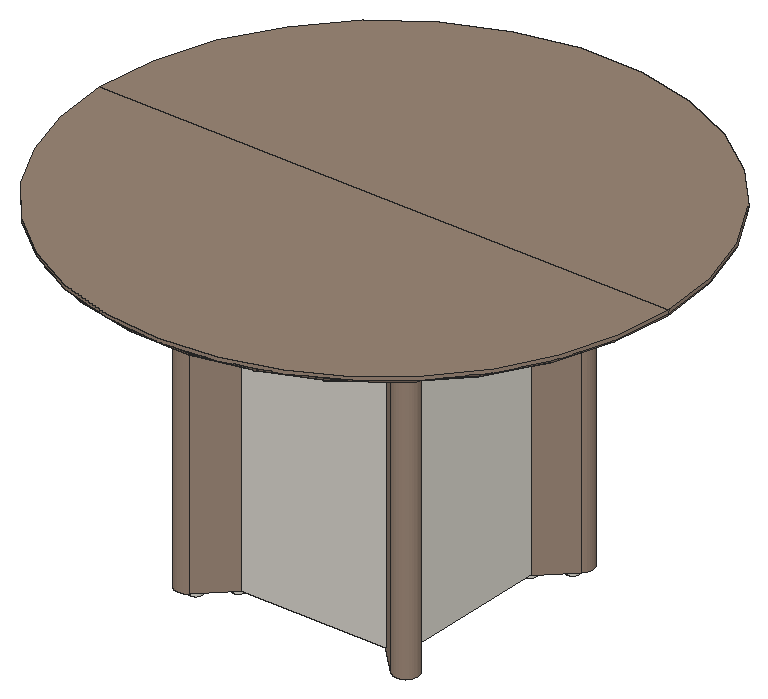
Revit family "Table-Teknion-CFRBKN_Figure_Table_Round_Gable_Enclosed_Base_Butter_Knife_Edge-R2023", category Furniture, Revit 2023 (continued)
Definition of nested family "Round - Gable Enclosed Base"
  Forms (in)
    Sweep 1, solid, material <- "Base Finish"
      profile origin (0, 0, 13.62598) x (-1, 0, 0) y (0, -1, 0)
        loop
          arc (16.26346, 14.84924) -> (16.26346, 16.26346) -> (14.84924, 16.26346) r 1
          line (14.84924, 16.26346) -> (0, 1.41421) -> (-14.84924, 16.26346)
          arc (-14.84924, 16.26346) -> (-16.26346, 16.26346) -> (-16.26346, 14.84924) r 1
          line (-16.26346, 14.84924) -> (-1.41421, 0) -> (-16.26346, -14.84924)
          arc (-16.26346, -14.84924) -> (-16.26346, -16.26346) -> (-14.84924, -16.26346) r 1
          line (-14.84924, -16.26346) -> (0, -1.41421) -> (14.84924, -16.26346)
    Sweep 2, void
      path origin (0, 0, 0) x (1, 0, 0) y (0, 0, 1)
        loop
          line (0, 8) -> (0, 0)
      profile origin (0, 0, 4) x (0, -1, 0) y (1, 0, 0)
        loop
          line (-11.41412, 0) -> (0, -11.41412) -> (11.41412, 0) -> (0, 11.41412) -> (-11.41412, 0)
    Sweep 3, void
      path origin (0, 0, 0) x (1, 0, 0) y (0, 0, 1)
        loop
          line (0, 20.75) -> (0, 26.75197)
      profile origin (0, 0, 23.75098) x (-1, 0, 0) y (0, -1, 0)
        loop
          line (-16.41478, 0) -> (0, -16.41478) -> (16.41478, 0) -> (0, 16.41478) -> (-16.41478, 0)
    Sweep 4, solid, material <- "Base Accent Finish"
      path origin (0, 0, 0) x (1, 0, 0) y (0, 0, 1)
        loop
          line (0, 25.75) -> (0, 0.5)
      profile origin (0, 0, 13.125) x (0, -1, 0) y (1, 0, 0)
        loop
          line (-12, 10.58579) -> (-12, -10.58579) -> (-11.25, -9.83579) -> (-11.25, 9.83579) -> (-12, 10.58579)
        loop
          line (9.83579, -11.25) -> (-9.83579, -11.25) -> (-10.58579, -12) -> (10.58579, -12) -> (9.83579, -11.25)
        loop
          line (11.25, 9.83579) -> (11.25, -9.83579) -> (12, -10.58579) -> (12, 10.58579) -> (11.25, 9.83579)
        loop
          line (-9.83579, 11.25) -> (9.83579, 11.25) -> (10.58579, 12) -> (-10.58579, 12) -> (-9.83579, 11.25)
    Sweep 5, solid, material <- "Glide Finish"
      path origin (0, 0, 0) x (1, 0, 0) y (0, 0, 1)
        loop
          line (0, 0.25) -> (0, 0.5)
      profile origin (0, 0, 0.375) x (-1, 0, 0) y (0, -1, 0)
        loop
          line (15.1094, -15.55134) -> (15.45795, -15.45795) -> (15.55134, -15.1094) -> (15.29619, -14.85425) -> (14.94764, -14.94764) -> (14.85425, -15.29619) -> (15.1094, -15.55134)
        loop
          line (-15.1094, -15.55134) -> (-14.85425, -15.29619) -> (-14.94764, -14.94764) -> (-15.29619, -14.85425) -> (-15.55134, -15.1094) -> (-15.45795, -15.45795) -> (-15.1094, -15.55134)
        loop
          line (15.1094, 15.55134) -> (14.85425, 15.29619) -> (14.94764, 14.94764) -> (15.29619, 14.85425) -> (15.55134, 15.1094) -> (15.45795, 15.45795) -> (15.1094, 15.55134)
        loop
          line (-15.1094, 15.55134) -> (-15.45795, 15.45795) -> (-15.55134, 15.1094) -> (-15.29619, 14.85425) -> (-14.94764, 14.94764) -> (-14.85425, 15.29619) -> (-15.1094, 15.55134)
    Sweep 6, solid, material <- "Glide Finish"
      path origin (0, 0, 0) x (1, 0, 0) y (0, 0, 1)
        loop
          line (0, 0.25) -> (0, 0)
      profile origin (0, 0, 0.125) x (0, -1, 0) y (1, 0, 0)
        loop
          circle (15.2028, -15.2028) r 0.5
        loop
          circle (15.2028, 15.2028) r 0.5
        loop
          circle (-15.2028, -15.2028) r 0.5
        loop
          circle (-15.2028, 15.2028) r 0.5
    Sweep 7, solid, material <- "Glide Finish"
      path origin (0, 0, 0) x (1, 0, 0) y (0, 0, 1)
        loop
          line (0, 0.25) -> (0, 0.5)
      profile origin (0, 0, 0.375) x (-1, 0, 0) y (0, -1, 0)
        loop
          line (7.73518, -8.17713) -> (8.08373, -8.08373) -> (8.17713, -7.73518) -> (7.92197, -7.48003) -> (7.57342, -7.57342) -> (7.48003, -7.92197) -> (7.73518, -8.17713)
        loop
          line (-7.73518, -8.17713) -> (-7.48003, -7.92197) -> (-7.57342, -7.57342) -> (-7.92197, -7.48003) -> (-8.17713, -7.73518) -> (-8.08373, -8.08373) -> (-7.73518, -8.17713)
        loop
          line (7.73518, 8.17713) -> (7.48003, 7.92197) -> (7.57342, 7.57342) -> (7.92197, 7.48003) -> (8.17713, 7.73518) -> (8.08373, 8.08373) -> (7.73518, 8.17713)
        loop
          line (-7.73518, 8.17713) -> (-8.08373, 8.08373) -> (-8.17713, 7.73518) -> (-7.92197, 7.48003) -> (-7.57342, 7.57342) -> (-7.48003, 7.92197) -> (-7.73518, 8.17713)
    Sweep 8, solid, material <- "Glide Finish"
      path origin (0, 0, 0) x (1, 0, 0) y (0, 0, 1)
        loop
          line (0, 0.25) -> (0, 0)
      profile origin (0, 0, 0.125) x (0, -1, 0) y (1, 0, 0)
        loop
          circle (7.82838, 7.82838) r 0.5
        loop
          circle (-7.82838, 7.82838) r 0.5
        loop
          circle (7.82838, -7.82838) r 0.5
        loop
          circle (-7.82838, -7.82838) r 0.5
  Cuts and joins
    Sweep 2, Sweep 3 cuts Sweep 1
    joined: Sweep 5, Sweep 6
    joined: Sweep 7, Sweep 8
  Lines and regions (in)
    symbolic lines
      curve 1: line (0, -118.46563, 26.75197) -> (0, -118.46563, 30.75197)
      curve 2: line (0, -126.46563, 29) -> (0, -126.46563, 31.25)
    reference lines
      curve 3: line (32.52691, 0, 0) -> (0, 32.52691, 0)
      curve 4: line (-32.52691, 0, 0) -> (0, 32.52691, 0)
      curve 5: line (0, -32.52691, 0) -> (-32.52691, 0, 0)
      curve 6: line (0, -32.52691, 0) -> (32.52691, 0, 0)
    symbolic lines, detail levels medium+fine
      curve 7: line (0, 1.41421, 0) -> (-14.84924, 16.26346, 0)
      curve 8: line (-16.26346, 14.84924, 0) -> (-1.41421, 0, 0)
      curve 9: arc (-16.26346, 14.84924, 0) -> (-16.26346, 16.26346, 0) -> (-14.84924, 16.26346, 0) r 1
      curve 10: line (14.84924, 16.26346, 0) -> (0, 1.41421, 0)
      curve 11: line (1.41421, 0, 0) -> (16.26346, 14.84924, 0)
      curve 12: arc (14.84924, 16.26346, 0) -> (16.26346, 16.26346, 0) -> (16.26346, 14.84924, 0) r 1
      curve 13: line (16.26346, -14.84924, 0) -> (1.41421, 0, 0)
      curve 14: line (0, -1.41421, 0) -> (14.84924, -16.26346, 0)
      curve 15: arc (16.26346, -14.84924, 0) -> (16.26346, -16.26346, 0) -> (14.84924, -16.26346, 0) r 1
      curve 16: line (-14.84924, -16.26346, 0) -> (0, -1.41421, 0)
      curve 17: line (-1.41421, 0, 0) -> (-16.26346, -14.84924, 0)
      curve 18: arc (-14.84924, -16.26346, 0) -> (-16.26346, -16.26346, 0) -> (-16.26346, -14.84924, 0) r 1
      curve 19: line (-10.58579, -12, 0) -> (10.58579, -12, 0)
      curve 20: line (9.83579, -11.25, 0) -> (-9.83579, -11.25, 0)
      curve 21: line (-12, 10.58579, 0) -> (-12, -10.58579, 0)
      curve 22: line (-11.25, -9.83579, 0) -> (-11.25, 9.83579, 0)
      curve 23: line (-9.83579, 11.25, 0) -> (9.83579, 11.25, 0)
      curve 24: line (10.58579, 12, 0) -> (-10.58579, 12, 0)
      curve 25: line (11.25, 9.83579, 0) -> (11.25, -9.83579, 0)
      curve 26: line (12, -10.58579, 0) -> (12, 10.58579, 0)
      curve 27: line (-8.9145, -7.50028, 0) -> (-7.50028, -8.9145, 0)
      curve 28: line (-6.41417, -4.99995, 0) -> (-4.99995, -6.41417, 0)
      curve 29: line (4.99995, -6.41417, 0) -> (6.41417, -4.99995, 0)
      curve 30: line (7.50028, -8.9145, 0) -> (8.9145, -7.50028, 0)
      curve 31: line (6.41417, 4.99995, 0) -> (4.99995, 6.41417, 0)
      curve 32: line (8.9145, 7.50028, 0) -> (7.50028, 8.9145, 0)
      curve 33: line (-4.99995, 6.41417, 0) -> (-6.41417, 4.99995, 0)
      curve 34: line (-7.50028, 8.9145, 0) -> (-8.9145, 7.50028, 0)
    symbolic lines, detail levels fine
      curve 35: arc (-15.2028, -14.7028, 0) -> (-15.7028, -15.2028, 0) -> (-15.2028, -15.7028, 0) r 0.5
      curve 36: arc (-15.2028, -15.7028, 0) -> (-14.7028, -15.2028, 0) -> (-15.2028, -14.7028, 0) r 0.5
      curve 37: arc (-7.82838, -7.32838, 0) -> (-8.32838, -7.82838, 0) -> (-7.82838, -8.32838, 0) r 0.5
      curve 38: arc (-7.82838, -8.32838, 0) -> (-7.32838, -7.82838, 0) -> (-7.82838, -7.32838, 0) r 0.5
      curve 39: arc (15.2028, -15.7028, 0) -> (15.7028, -15.2028, 0) -> (15.2028, -14.7028, 0) r 0.5
      curve 40: arc (15.2028, -14.7028, 0) -> (14.7028, -15.2028, 0) -> (15.2028, -15.7028, 0) r 0.5
      curve 41: arc (7.82838, -7.32838, 0) -> (7.32838, -7.82838, 0) -> (7.82838, -8.32838, 0) r 0.5
      curve 42: arc (7.82838, -8.32838, 0) -> (8.32838, -7.82838, 0) -> (7.82838, -7.32838, 0) r 0.5
      curve 43: arc (15.2028, 15.7028, 0) -> (14.7028, 15.2028, 0) -> (15.2028, 14.7028, 0) r 0.5
      curve 44: arc (15.2028, 14.7028, 0) -> (15.7028, 15.2028, 0) -> (15.2028, 15.7028, 0) r 0.5
      curve 45: arc (7.82838, 7.32838, 0) -> (8.32838, 7.82838, 0) -> (7.82838, 8.32838, 0) r 0.5
      curve 46: arc (7.82838, 8.32838, 0) -> (7.32838, 7.82838, 0) -> (7.82838, 7.32838, 0) r 0.5
      curve 47: arc (-15.2028, 14.7028, 0) -> (-14.7028, 15.2028, 0) -> (-15.2028, 15.7028, 0) r 0.5
      curve 48: arc (-15.2028, 15.7028, 0) -> (-15.7028, 15.2028, 0) -> (-15.2028, 14.7028, 0) r 0.5
      curve 49: arc (-7.82838, 7.32838, 0) -> (-7.32838, 7.82838, 0) -> (-7.82838, 8.32838, 0) r 0.5
      curve 50: arc (-7.82838, 8.32838, 0) -> (-8.32838, 7.82838, 0) -> (-7.82838, 7.32838, 0) r 0.5
  Dimensions and locks (in)
    "Width": plane 4 "Left" to plane 5 "Right"
    "Width": plane 6 "Back" to plane 7 "Front"
    locked: plane 8 "Top" to level at 29
    equal spacing: plane 6 "Back", plane 1 "Center Front/Back", plane 7 "Front"
    equal spacing: plane 4 "Left", plane 3 "Center Left/Right", plane 5 "Right"
    plane 8 "Top" to plane 11 to plane 12 = 1.500" locked, 0.74803" locked
    curve 2 to curve 1 = 8.000"
    "Dim 1": plane 13 to plane 1 "Center Front/Back"
    "Dim 1": plane 1 "Center Front/Back" to plane 14
    "Dim 1": plane 18 to plane 3 "Center Left/Right"
    "Dim 1": plane 3 "Center Left/Right" to plane 17
    "Dim 2": plane 19 to plane 16
    "Dim 2": plane 16 to plane 20
    "Dim 2": plane 21 to plane 15
    "Dim 2": plane 15 to plane 22
    locked: Sweep 1 sketch curve to plane 2 at 0.5
    locked: plane 19 to Sweep 1 sketch curve at 1
    locked: plane 21 to Sweep 1 sketch curve at 1
    locked: Sweep 1 sketch curve to plane 22 at 1
    locked: Sweep 1 sketch curve to plane 20 at 1
    Sweep 1 sketch curve to plane 15 to Sweep 1 sketch curve = 1.000" locked, 1.000" locked
    Sweep 1 sketch curve to plane 16 to Sweep 1 sketch curve = 1.000" locked, 1.000" locked
    locked: Sweep 2 sketch curve to plane 2 at 8
    "Dim 3": Sweep 2 sketch curve to plane 15
    "Dim 3": plane 15 to Sweep 2 sketch curve
    "Dim 3": Sweep 2 sketch curve to plane 16
    "Dim 3": plane 16 to Sweep 2 sketch curve
    locked: plane 12 to Sweep 3 sketch curve at 6.00197
    "Dim 4": Sweep 3 sketch curve to plane 15
    "Dim 4": plane 15 to Sweep 3 sketch curve
    "Dim 4": Sweep 3 sketch curve to plane 16  (x2)
    locked: plane 12 to Sweep 4 sketch curve at 1.00197
    locked: Sweep 4 sketch curve to plane 2 at 0.5
    locked: plane 13 to Sweep 4 sketch curve at 0.75
    locked: plane 18 to Sweep 4 sketch curve at 0.75
    locked: Sweep 4 sketch curve to plane 17 at 0.75
    locked: Sweep 4 sketch curve to plane 14 at 0.75
    Sweep 4 sketch curve to plane 16 to Sweep 4 sketch curve = 1.000" locked, 1.000" locked
    Sweep 4 sketch curve to plane 15 to Sweep 4 sketch curve = 1.000" locked, 1.000" locked
    Sweep 5 sketch curve to Sweep 5 sketch curve to plane 2 = 0.250" locked, 0.250" locked
    plane 21 to Sweep 5 sketch curve to Sweep 5 sketch curve to Sweep 5 sketch curve to Sweep 5 sketch curve to Sweep 5 sketch curve to Sweep 5 sketch curve = 1.13916" locked, 0.18042" locked, 0.000" locked, 0.36084" locked, 0.000" locked, 0.18042" locked
    Sweep 5 sketch curve to plane 16 to Sweep 5 sketch curve = 0.3125" locked, 0.3125" locked  (x2)
    Sweep 5 sketch curve to plane 15 to Sweep 5 sketch curve = 0.3125" locked, 0.3125" locked  (x2)
    plane 19 to Sweep 5 sketch curve to Sweep 5 sketch curve to Sweep 5 sketch curve to Sweep 5 sketch curve to Sweep 5 sketch curve to Sweep 5 sketch curve = 1.13916" locked, 0.18042" locked, 0.000" locked, 0.36084" locked, 0.000" locked, 0.18042" locked
    Sweep 5 sketch curve to Sweep 5 sketch curve to Sweep 5 sketch curve to Sweep 5 sketch curve to Sweep 5 sketch curve to Sweep 5 sketch curve to plane 20 = 0.18042" locked, 0.000" locked, 0.36084" locked, 0.000" locked, 0.18042" locked, 1.13916" locked
    Sweep 5 sketch curve to Sweep 5 sketch curve to Sweep 5 sketch curve to Sweep 5 sketch curve to Sweep 5 sketch curve to Sweep 5 sketch curve to plane 22 = 0.18042" locked, 0.000" locked, 0.36084" locked, 0.000" locked, 0.18042" locked, 1.13916" locked
    locked: Sweep 6 sketch curve to plane 2 at 0.25
    locked: plane 19 to Sweep 6 sketch curve at 1.5
    locked: Sweep 6 sketch curve to plane 20 at 1.5
    locked: plane 21 to Sweep 6 sketch curve at 1.5
    locked: Sweep 6 sketch curve to plane 22 at 1.5
    "Dim 5": plane 15 to plane 25
    "Dim 5": plane 15 to plane 26
    "Dim 5": plane 16 to plane 24
    "Dim 5": plane 16 to plane 23
    Sweep 7 sketch curve to Sweep 7 sketch curve to plane 2 = 0.250" locked, 0.250" locked
    Sweep 7 sketch curve to Sweep 7 sketch curve to Sweep 7 sketch curve to plane 25 to Sweep 7 sketch curve to Sweep 7 sketch curve to Sweep 7 sketch curve = 0.18042" locked, 0.000" locked, 0.18014" locked, 0.1807" locked, 0.000" locked, 0.18042" locked
    Sweep 7 sketch curve to plane 16 to Sweep 7 sketch curve = 0.3125" locked, 0.3125" locked  (x2)
    Sweep 7 sketch curve to plane 15 to Sweep 7 sketch curve = 0.3125" locked, 0.3125" locked  (x2)
    Sweep 7 sketch curve to Sweep 7 sketch curve to Sweep 7 sketch curve to plane 23 to Sweep 7 sketch curve to Sweep 7 sketch curve to Sweep 7 sketch curve = 0.18042" locked, 0.000" locked, 0.18014" locked, 0.1807" locked, 0.000" locked, 0.18042" locked
    Sweep 7 sketch curve to Sweep 7 sketch curve to Sweep 7 sketch curve to plane 26 to Sweep 7 sketch curve to Sweep 7 sketch curve to Sweep 7 sketch curve = 0.18042" locked, 0.000" locked, 0.18014" locked, 0.1807" locked, 0.000" locked, 0.18042" locked
    Sweep 7 sketch curve to Sweep 7 sketch curve to Sweep 7 sketch curve to plane 24 to Sweep 7 sketch curve to Sweep 7 sketch curve to Sweep 7 sketch curve = 0.18042" locked, 0.000" locked, 0.18014" locked, 0.1807" locked, 0.000" locked, 0.18042" locked
    locked: Sweep 8 sketch curve to plane 2 at 0.25
    aligned and locked: level to plane 2
    aligned and locked: plane 3 "Center Left/Right" to Sweep 1 sketch curve
    aligned and locked: plane 12 to Sweep 1 sketch curve
    aligned and locked: plane 15 to Sweep 1 sketch curve  (x2)
    aligned and locked: plane 16 to Sweep 1 sketch curve  (x2)
    aligned and locked: Sweep 1 sketch curve to Sweep 1 sketch curve  (x4)
    aligned and locked: Sweep 2 sketch curve to plane 3 "Center Left/Right"
    aligned and locked: plane 2 to Sweep 2 sketch curve
    aligned and locked: plane 3 "Center Left/Right" to Sweep 3 sketch curve
    aligned and locked: plane 12 to Sweep 3 sketch curve
    aligned and locked: curve 4 to plane 21
    aligned and locked: plane 20 to curve 5
    aligned and locked: curve 6 to plane 22
    aligned and locked: Sweep 4 sketch curve to plane 3 "Center Left/Right"
    aligned and locked: plane 17 to Sweep 4 sketch curve
    aligned and locked: Sweep 4 sketch curve to plane 14
    aligned and locked: Sweep 4 sketch curve to plane 18
    aligned and locked: plane 13 to Sweep 4 sketch curve
    aligned and locked: Sweep 4 sketch curve to Sweep 4 sketch curve  (x4)
    aligned and locked: plane 3 "Center Left/Right" to Sweep 5 sketch curve
    aligned and locked: plane 16 to Sweep 5 sketch curve  (x2)
    aligned and locked: plane 15 to Sweep 5 sketch curve  (x4)
    aligned and locked: Sweep 6 sketch curve to plane 3 "Center Left/Right"
    aligned and locked: plane 2 to Sweep 6 sketch curve
    aligned and locked: plane 15 to Sweep 6 sketch curve  (x2)
    aligned and locked: plane 16 to Sweep 6 sketch curve  (x2)
    aligned and locked: plane 3 "Center Left/Right" to Sweep 7 sketch curve
    aligned and locked: plane 16 to Sweep 7 sketch curve  (x4)
    aligned and locked: plane 15 to Sweep 7 sketch curve  (x4)
    aligned and locked: Sweep 8 sketch curve to plane 3 "Center Left/Right"
    aligned and locked: plane 2 to Sweep 8 sketch curve
    aligned and locked: plane 15 to Sweep 8 sketch curve  (x2)
    aligned and locked: plane 24 to Sweep 8 sketch curve
    aligned and locked: plane 26 to Sweep 8 sketch curve
    aligned and locked: plane 16 to Sweep 8 sketch curve  (x2)
    aligned and locked: plane 23 to Sweep 8 sketch curve
    aligned and locked: plane 25 to Sweep 8 sketch curve
    aligned and locked: curve 7 to cut or joined group of Sweep 1, Sweep 2, Sweep 3
    aligned and locked: curve 9 to cut or joined group of Sweep 1, Sweep 2, Sweep 3
    aligned and locked: curve 11 to cut or joined group of Sweep 1, Sweep 2, Sweep 3
    aligned and locked: curve 12 to cut or joined group of Sweep 1, Sweep 2, Sweep 3
    aligned and locked: curve 14 to cut or joined group of Sweep 1, Sweep 2, Sweep 3
    aligned and locked: curve 15 to cut or joined group of Sweep 1, Sweep 2, Sweep 3
    aligned and locked: curve 17 to cut or joined group of Sweep 1, Sweep 2, Sweep 3
    aligned and locked: curve 18 to cut or joined group of Sweep 1, Sweep 2, Sweep 3
    aligned and locked: curve 19 to Sweep 4
    aligned and locked: curve 20 to Sweep 4
    aligned and locked: curve 21 to Sweep 4
    aligned and locked: curve 22 to Sweep 4
    aligned and locked: curve 23 to Sweep 4
    aligned and locked: curve 24 to Sweep 4
    aligned and locked: curve 25 to Sweep 4
    aligned and locked: curve 26 to Sweep 4
    aligned and locked: curve 27 to cut or joined group of Sweep 1, Sweep 2, Sweep 3
    aligned and locked: curve 28 to cut or joined group of Sweep 1, Sweep 2, Sweep 3
    aligned and locked: curve 29 to cut or joined group of Sweep 1, Sweep 2, Sweep 3
    aligned and locked: curve 30 to cut or joined group of Sweep 1, Sweep 2, Sweep 3
    aligned and locked: curve 31 to cut or joined group of Sweep 1, Sweep 2, Sweep 3
    aligned and locked: curve 32 to cut or joined group of Sweep 1, Sweep 2, Sweep 3
    aligned and locked: curve 33 to cut or joined group of Sweep 1, Sweep 2, Sweep 3
    aligned and locked: curve 34 to cut or joined group of Sweep 1, Sweep 2, Sweep 3
    aligned and locked: curve 35 to cut or joined group of Sweep 5, Sweep 6
    aligned and locked: curve 36 to cut or joined group of Sweep 5, Sweep 6
    aligned and locked: curve 37 to cut or joined group of Sweep 7, Sweep 8
    aligned and locked: curve 38 to cut or joined group of Sweep 7, Sweep 8
    aligned and locked: curve 39 to cut or joined group of Sweep 5, Sweep 6
    aligned and locked: curve 40 to cut or joined group of Sweep 5, Sweep 6
    aligned and locked: curve 41 to cut or joined group of Sweep 7, Sweep 8
    aligned and locked: curve 42 to cut or joined group of Sweep 7, Sweep 8
    aligned and locked: curve 43 to cut or joined group of Sweep 5, Sweep 6
    aligned and locked: curve 44 to cut or joined group of Sweep 5, Sweep 6
    aligned and locked: curve 45 to cut or joined group of Sweep 7, Sweep 8
    aligned and locked: curve 46 to cut or joined group of Sweep 7, Sweep 8
    aligned and locked: curve 47 to cut or joined group of Sweep 5, Sweep 6
    aligned and locked: curve 48 to cut or joined group of Sweep 5, Sweep 6
    aligned and locked: curve 49 to cut or joined group of Sweep 7, Sweep 8
    aligned and locked: curve 50 to cut or joined group of Sweep 7, Sweep 8
  Automatic sketch dimensions
    curve 2 to plane 8 "Top" = 0.000"
    curve 1 to plane 12 = 0.000"
    plane 7 "Front" to curve 2 = 93.46563"
    plane 8 "Top" to curve 1 = 1.75197"
    plane 8 "Top" to curve 2 = 2.250"
    curve 3 to plane 19 = 0.000"
    Sweep 4 sketch curve to Sweep 4 sketch curve = 0.750"  (x2)
    Sweep 5 sketch curve to Sweep 5 sketch curve = 0.09339"  (x6)
    Sweep 6 sketch curve to Sweep 6 sketch curve = 0.500"  (x4)
    Sweep 6 sketch curve to Sweep 6 sketch curve = 0.000"  (x8)
    Sweep 7 sketch curve to Sweep 7 sketch curve = 0.25516"
    Sweep 7 sketch curve to Sweep 7 sketch curve = 0.09339"  (x3)
    Sweep 8 sketch curve to Sweep 8 sketch curve = 0.500"  (x4)
    Sweep 8 sketch curve to Sweep 8 sketch curve = 0.000"  (x8)
    curve 35 to curve 35 = 0.000"
    curve 18 to curve 35 = 0.35355"
    curve 37 to curve 37 = 0.000"  (x2)
    curve 40 to curve 39 = 0.000"
    curve 39 to curve 15 = 0.35355"
    curve 42 to curve 41 = 0.000"
    curve 41 to curve 41 = 0.000"
    curve 44 to curve 12 = 0.35355"
    curve 44 to curve 43 = 0.000"
    curve 45 to curve 45 = 0.000"
    curve 46 to curve 45 = 0.000"
    curve 9 to curve 48 = 0.35355"
    curve 47 to curve 47 = 0.000"
    curve 50 to curve 49 = 0.000"  (x2)
Definition of nested family "Teknion_2D_Node_Family-R2016"
  Reference planes (in)
    plane 1 "Center (Front/Back)": y = 0
    plane 2: z = 0
    plane 3 "Center (Left/Right)": x = 0
  Lines and regions (in)
    detail lines, in view "Ref. Level"
      curve 1: circle (0, 0, 0) r 1.25 normal (0, 0, 1)
      curve 2: line (1.91508, -1.91508, 0) -> (-1.91508, 1.91508, 0)
      curve 3: line (-1.91508, -1.91508, 0) -> (1.91508, 1.91508, 0)
